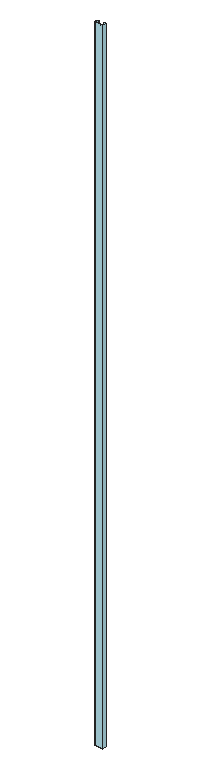
Revit family "as50x23x9x1-6", category 機械設備, Revit 2022
Family settings
  丸型コネクタ寸法 = 直径を使用
  種別 = なし
  パーツ タイプ = 標準
  作業面ベース = いいえ
  常に垂直 = はい
  ロード時にボイドで切り取り = いいえ
  注釈の向きを維持 = いいえ
  共有 = いいえ
  部屋計算ポイント = いいえ
Parameters
  製造元 = "株式会社桐井製作所"
  既定の高さ = 0 mm
  URL = "https://www.kirii.co.jp/"
  K_長さ(mm) [instance] = 4000 mm
  K_外形寸法(mm) = "50×23×9×1.6"
  K_品名 = "リップ付チャンネルAS-50×23×9×1.6(折曲加工)"
  K_名称 = "斜め部材(ブレース材)"
  K_バージョン情報 = "20211216"
Reference planes
  plane 1 "中心(正面/背面)": y = 0
  plane 2: z = 0
  plane 3 "中心(左/右)": x = 0
  plane 4: x = 25
  plane 5: x = -25
  plane 6: z = 4000
  plane 7: y = 23
Forms (mm)
  Extrusion 1, solid
    sketch origin (27.5, 1, 0) x (1, 0, 0) y (0, 1, 0)
      loop
        line (-52.5, 22) -> (-52.5, -1) -> (-2.5, -1) -> (-2.5, 22) -> (-11.5, 22) -> (-11.5, 20.4) -> (-4.1, 20.4) -> (-4.1, 0.6) -> (-50.9, 0.6) -> (-50.9, 20.4) -> (-43.5, 20.4) -> (-43.5, 22) -> (-52.5, 22)
    from 0 to 4000
Dimensions and locks
  "K_長さ(mm)": plane 6 to plane 2
  aligned and locked: level to plane 2
  aligned and locked: plane 6 to Extrusion 1
Automatic sketch dimensions
  Extrusion 1 sketch curve to plane 5 = 0 mm
  plane 1 "中心(正面/背面)" to Extrusion 1 sketch curve = 0 mm
  plane 7 to Extrusion 1 sketch curve = 0 mm  (x2)
  Extrusion 1 sketch curve to plane 4 = 0 mm
  Extrusion 1 sketch curve to Extrusion 1 sketch curve = 1.6 mm
  Extrusion 1 sketch curve to Extrusion 1 sketch curve = 7.4 mm
  Extrusion 1 sketch curve to plane 4 = 9 mm
  Extrusion 1 sketch curve to plane 4 = 1.6 mm
  Extrusion 1 sketch curve to plane 1 "中心(正面/背面)" = 1.6 mm
  plane 7 to Extrusion 1 sketch curve = 1.6 mm  (x2)
